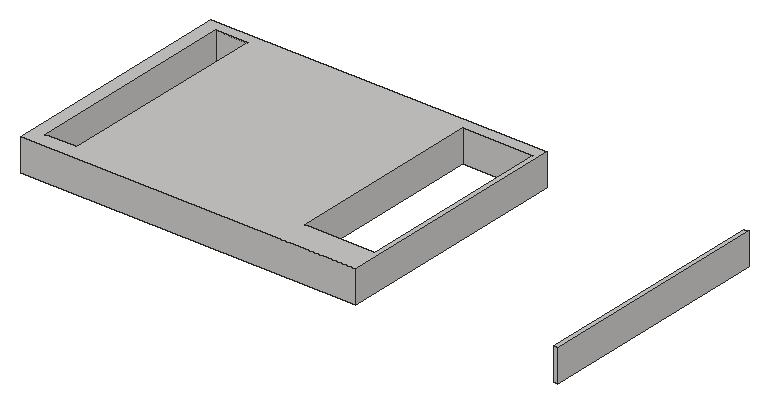
Revit family "QS Compact 30 Ton Packaged with Return Air", category Mechanical Equipment, Revit 2012
Parameters
  URL = "http://www.desert-aire.com/"
  Type Comments = ""
  Model = ""
  Manufacturer = "DESERT AIRE"
  Description = "OUTDOOR AIR SYSTEM DEHUMIDIFIER 30 TON"
  Curb Height [instance] = 1' - 0"
  Cost = 0
  2 Piece Curb [instance] = yes
  1 Piece Curb [instance] = not([2 Piece Curb])  # no
Reference planes (in)
  plane 1: y = 0
  plane 2: z = 0
  plane 3: x = 0
  plane 4: z = 74.6504
  plane 5 "Bottom": z = 12
Forms (in)
  Extrusion 1, solid, material "Steel", visible <- "2 Piece Curb"
    sketch origin (-24.91382, 19.61694, -18) x (1, 0, 0) y (0, 1, 0)
      loop
        line (-63.11881, -62.71884) -> (62.63119, -62.71884) -> (62.63119, 26.53116) -> (-63.11881, 26.53116) -> (-63.11881, -62.71884)
      loop
        line (-46.36381, -57.12928) -> (-46.36381, 22.87072) -> (-58.36381, 22.87072) -> (-58.36381, -57.12928) -> (-46.36381, -57.12928)
      loop
        line (60.9368, 22.12072) -> (34.63619, 22.12072) -> (34.63619, -51.87928) -> (60.9368, -51.87928) -> (60.9368, 22.12072)
    from 18 to 30
  Extrusion 2, solid, material "Steel", visible <- "2 Piece Curb"
    sketch origin (185.3595, 19.61694, -18) x (1, 0, 0) y (0, 1, 0)
      loop
        line (-73.58652, -62.71884) -> (-72.08652, -62.71884) -> (-72.08652, 26.53116) -> (-73.58652, 26.53116) -> (-73.58652, -62.71884)
    from 18 to 30
  Extrusion 3, solid, material "Steel", visible <- "1 Piece Curb"
    sketch origin (-26.8905, 19.61694, -29) x (1, 0, 0) y (0, 1, 0)
      loop
        line (-61.14213, -62.71884) -> (140.16348, -62.71884) -> (140.16348, 26.53116) -> (-61.14213, 26.53116) -> (-61.14213, -62.71884)
      loop
        line (36.61287, -51.87928) -> (62.91348, -51.87928) -> (62.91348, 22.12072) -> (36.61287, 22.12072) -> (36.61287, -51.87928)
      loop
        line (-56.35588, -57.12928) -> (-44.35588, -57.12928) -> (-44.35588, 22.87072) -> (-56.35588, 22.87072) -> (-56.35588, -57.12928)
    from 29 to 41
Dimensions and locks (in)
  locked: plane 4 to plane 5 "Bottom" at 62.6504
  "Curb Height": plane 5 "Bottom" to plane 2
  aligned and locked: plane 5 "Bottom" to Extrusion 3
  aligned and locked: Extrusion 3 to plane 2
  aligned and locked: Extrusion 3 to Extrusion 1
  aligned and locked: Extrusion 1 to Extrusion 3
  aligned and locked: Extrusion 3 to Extrusion 2
  aligned and locked: plane 5 "Bottom" to Extrusion 1
  aligned and locked: Extrusion 1 to plane 2
  aligned and locked: plane 5 "Bottom" to Extrusion 2
  aligned and locked: Extrusion 2 to plane 2
  aligned and locked: plane 4 to nested 1
  aligned and locked: plane 5 "Bottom" to nested 1
  aligned and locked: Extrusion 3 to Extrusion 1 sketch curve
Automatic sketch dimensions
  plane 3 to Extrusion 2 sketch curve = 9' - 3.77298"
  Extrusion 2 sketch curve to Extrusion 2 sketch curve = 0' - 1 1/2"
  plane 1 to Extrusion 2 sketch curve = 3' - 7.1019"
  Extrusion 2 sketch curve to Extrusion 2 sketch curve = 7' - 5 1/4"
  Extrusion 3 sketch curve to plane 3 = 7' - 4.03263"
  plane 3 to Extrusion 3 sketch curve = 9' - 5.27298"
  plane 1 to Extrusion 3 sketch curve = 3' - 7.1019"
  Extrusion 3 sketch curve to Extrusion 3 sketch curve = 7' - 5 1/4"
  Extrusion 3 sketch curve to Extrusion 3 sketch curve = 2' - 2.30061"
  Extrusion 3 sketch curve to Extrusion 3 sketch curve = 0' - 4.78625"
  Extrusion 3 sketch curve to Extrusion 3 sketch curve = 1' - 0"
  plane 3 to Extrusion 3 sketch curve = 0' - 9.72237"
  Extrusion 3 sketch curve to Extrusion 3 sketch curve = 0' - 5.58956"
  Extrusion 3 sketch curve to Extrusion 3 sketch curve = 0' - 3.66044"
  Extrusion 3 sketch curve to plane 1 = 3' - 5.73766"
  plane 1 to Extrusion 3 sketch curve = 2' - 8.26234"
  Extrusion 1 sketch curve to plane 3 = 7' - 4.03263"
  Extrusion 1 sketch curve to Extrusion 1 sketch curve = 0' - 4.755"
  Extrusion 1 sketch curve to Extrusion 1 sketch curve = 1' - 0"
  plane 3 to Extrusion 1 sketch curve = 3' - 1.71737"
  Extrusion 1 sketch curve to Extrusion 1 sketch curve = 0' - 5.58956"
  Extrusion 1 sketch curve to plane 1 = 3' - 6.48766"
  Extrusion 1 sketch curve to plane 1 = 3' - 10.1481"
  plane 3 to Extrusion 1 sketch curve = 0' - 9.72237"
  Extrusion 1 sketch curve to Extrusion 1 sketch curve = 0' - 1.69439"
  Extrusion 1 sketch curve to Extrusion 1 sketch curve = 0' - 10.83956"
  Extrusion 1 sketch curve to Extrusion 1 sketch curve = 0' - 4.41044"
Nested families (in)
  nested 1: "30 Ton Recirc" at (10.27237, 4.29913, 17.1484), type "30 Ton Recirc"
Connectors (in)
  piping at (-62.9994, -28.30119, 0)
    settings: on Extrusion 3, index 3, connector radius 3/8", flow factor 0, pipe flow 0 GPM, pressure drop 0.00 psi, fitting loss kfactor 0, connector angle 0.00°, fixture units 0, engagement length 0' - 0", flow configuration 0, flow direction 0, fitting loss method 0, system type 22, joint type 0, gender type 0, connector reference index -1, connector utility 0, adjustable connector no, is connector primary yes, fitting loss table "", connector description "BOTTOM CONDENSTAE LOCATION OPTION"
  electrical at (-64.67335, 27.17655, 12)
    settings: index 6, voltage 0 V, apparent load 0 VA, apparent load phase1 0 VA, apparent load phase2 0 VA, apparent load phase3 0 VA, power factor 1, load classification "Other", number of poles 1, system type 31, power factor state 1, is connector primary yes, connector utility no, sub classification motor no, connector description "BOTTOM ELECTRICAL CONNECTION AREA"
  piping at (-7.37364, -47.89554, 25.92844)
    settings: on nested 1, index 7, connector radius 3/8", flow factor 0, pipe flow 0 GPM, pressure drop 0.00 psi, fitting loss kfactor 0, connector angle 0.00°, fixture units 0, engagement length 0' - 0", flow configuration 0, flow direction 0, fitting loss method 0, system type 22, joint type 0, gender type 0, connector reference index -1, connector utility 0, adjustable connector no, is connector primary no, fitting loss table "", connector description "OPTIONAL GAS HEATER SUPPLY LINE"
  piping at (-61.38253, 46.67066, 21.84338)
    settings: on nested 1, index 8, connector radius 3/8", flow factor 0, pipe flow 0 GPM, pressure drop 0.00 psi, fitting loss kfactor 0, connector angle 0.00°, fixture units 0, engagement length 0' - 0", flow configuration 0, flow direction 0, fitting loss method 0, system type 22, joint type 0, gender type 0, connector reference index -1, connector utility 0, adjustable connector no, is connector primary no, fitting loss table "", connector description "LEFT SIDE CONDENSATE DRAIN LINE OPTION"
  electrical at (-48.21387, -47.89554, 20.98809)
    settings: on nested 1, index 9, voltage 0 V, apparent load 0 VA, apparent load phase1 0 VA, apparent load phase2 0 VA, apparent load phase3 0 VA, power factor 1, load classification "Other", number of poles 1, system type 30, power factor state 1, is connector primary no, connector utility no, sub classification motor no, connector description "SIDE ELECTRIC CONNECTION AREA"
  hvac at (23.957, 4.70081, 12)
    settings: index 10, duct flow 0 CFM, flow factor 0, pres drop 0.00 in-wg, loss coef 0, conn angle 0.00°, conn width 28", conn height 74", conn radius 12", duct sys type 1, conn prof type 1, flow config 0, flow direction 0, loss method 0, conn ref index -1, conn util no, is conn primary yes, conn desc "SUPPLY DISCHARGE"
  hvac at (-77.20796, 2.8427, 12)
    settings: index 11, duct flow 0 CFM, flow factor 0, pres drop 0.00 in-wg, loss coef 0, conn angle 0.00°, conn width 12", conn height 80", conn radius 12", duct sys type 1, conn prof type 1, flow config 0, flow direction 0, loss method 0, conn ref index -1, conn util no, is conn primary no, conn desc "RETURN INTAKE"
Definition of nested family "30 Ton Recirc"
  Parameters (values of type "30 Ton Recirc")
    URL = ""
    Type Comments = ""
    Model = ""
    Manufacturer = ""
    Description = ""
    Cost = 0
  Reference planes (in)
    plane 1: y = 0
    plane 2: z = 0
    plane 3: x = 0
